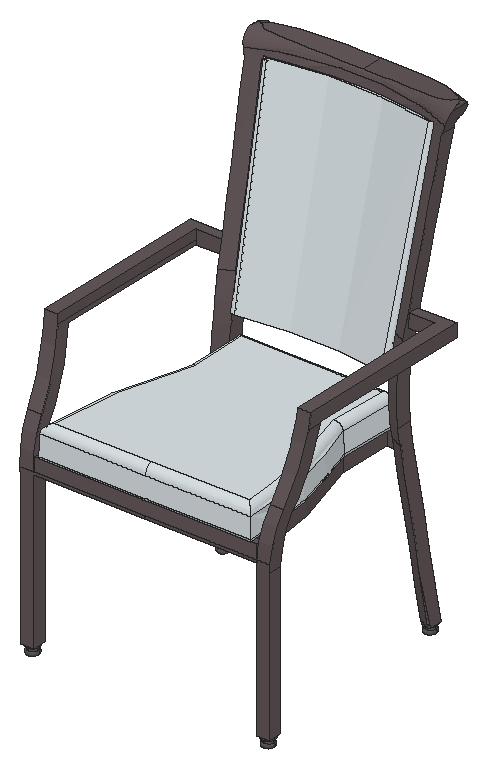
Revit family "FU_Chair_Sandler_Woodlook 2-6", category Furniture, Revit 2020
Family settings
  OmniClass Number = 23.40.20.00
  OmniClass Title = General Furniture and Specialties
  Work Plane-Based = No
  Always vertical = Yes
  Cut with Voids When Loaded = No
  Shared = No
  Room Calculation Point = No
Parameters (values of type "Woodlook 2.6")
  Woodlook = Woodlook - 25 Wenge
  Width = 590 mm
  Upholstery = Woodlook Vinyl - Dream
  URL = "https://www.sandlerseating.com/product/woodlook-w2-6/"
  Model = "Woodlook 2.6"
  Manufacturer = "Sandler"
  Height = 1015 mm
  Description = "Woodlook armchair with frame manufactured entirely from aluminum but with realistic appearance of wood. Highly durable and scratch resistant."
  Depth = 655 mm
  Default Elevation = 0 mm
Reference planes
  plane 1 "Center (Front/Back)": y = 0
  plane 2: z = 0
  plane 3 "Center (Left/Right)": x = 0
  plane 4 "Right": x = -295
  plane 5 "Left": x = 295
  plane 6 "Back": y = 327.5
  plane 7 "Front": y = -327.5
  plane 8 "Height": z = 1015
  plane 9 "Seat height": z = 470
  plane 10 "Frame Height": z = 400
  plane 11: y = 145.349
  plane 12: z = 640
  plane 13 "Glide C R": y = -312.5
  plane 14 "Glide C F": x = -261.864
Forms (mm)
  Sweep 1, solid, material "Woodlook - 25 Wenge" <- "Woodlook"
    path in 3D
      loop
        arc (-295, 249.97, 1015) -> (0, 327.5, 1015) -> (295, 249.97, 1015) r 600
    profile "Pro_WL_2-6_BL : Pro_WL_2-6_BL" origin (0, 327.5, 1015) x (0, 1, 0) y (0, 0, 1)
      loop
        arc (-14.748, -0.002) -> (-39.863, -8.539) -> (-54.115, -30.911) r 40
        line (-54.115, -30.911) -> (-146.305, -426.005)
        arc (-146.305, -426.005) -> (-160.429, -526.558) -> (-156.386, -628.018) r 566.838
        line (-156.386, -628.018) -> (-105.968, -1015.127) -> (-76.919, -1015.127) -> (-127.337, -628.018)
        arc (-127.337, -628.018) -> (-131.38, -526.558) -> (-117.256, -426.005) r 566.838
        line (-117.256, -426.005) -> (-28.109, -43.953)
        arc (-28.109, -43.953) -> (-22.356, -33.949) -> (-12.034, -28.789) r 20
        arc (-12.034, -28.789) -> (-0.064, -13.139) -> (-14.748, -0.002) r 14.5
  Extrusion 2, void
    sketch origin (0, 0, 0) x (1, 0, 0) y (0, 0, 1)
      loop
        line (-230.092, 1008.68) -> (-219.658, 966.832) -> (-204.309, 565.042)
        arc (-204.309, 565.042) -> (-203.892, 494.35) -> (-208.038, 423.778) r 1095
        line (-208.038, 423.778) -> (-244.87, 19.967) -> (-216.004, 19.967) -> (-179.07, 424.885)
        arc (-179.07, 424.885) -> (-174.925, 495.456) -> (-175.342, 566.149) r 1095
        line (-175.342, 566.149) -> (-190.633, 966.431)
        arc (-190.633, 966.431) -> (-95.546, 956.585) -> (0, 953.485) r 1351.674
        arc (0, 953.485) -> (95.546, 956.585) -> (190.633, 966.431) r 1351.674
        line (190.633, 966.431) -> (175.342, 566.149)
        arc (175.342, 566.149) -> (174.925, 495.456) -> (179.07, 424.885) r 1095
        line (179.07, 424.885) -> (216.004, 19.967) -> (244.87, 19.967) -> (208.038, 423.778)
        arc (208.038, 423.778) -> (203.892, 494.35) -> (204.309, 565.042) r 1095
        line (204.309, 565.042) -> (219.658, 966.832) -> (230.092, 1008.68)
        arc (230.092, 1008.68) -> (228.252, 1013.725) -> (223.11, 1015.277) r 6
        arc (223.11, 1015.277) -> (111.963, 1000.815) -> (0, 995.618) r 1350.576
        arc (0, 995.618) -> (-111.963, 1000.815) -> (-223.11, 1015.277) r 1350.576
        arc (-223.11, 1015.277) -> (-228.252, 1013.725) -> (-230.092, 1008.68) r 6
      loop
        line (-300, 1045) -> (-300, -30) -> (300, -30) -> (300, 1045) -> (-300, 1045)
    from -337.851 to -86.557
  Extrusion 3, solid, material "Woodlook - 25 Wenge" <- "Woodlook"
    sketch origin (0, 0, 0) x (0, 1, 0) y (0, 0, 1)
      loop
        line (-327.5, 19.967) -> (-297.5, 19.967) -> (-297.5, 371.057)
        arc (-297.5, 371.057) -> (-287.864, 425.704) -> (-260.119, 473.76) r 159.776
        arc (-260.119, 473.76) -> (-229.765, 539.855) -> (-211.277, 610.199) r 419.687
        line (-211.277, 610.199) -> (169, 610.199) -> (169, 640.199) -> (-236.473, 640.199)
        arc (-236.473, 640.199) -> (-256.531, 551.35) -> (-297.5, 470) r 373.453
        arc (-297.5, 470) -> (-319.835, 422.753) -> (-327.5, 371.057) r 178.161
        line (-327.5, 371.057) -> (-327.5, 19.967)
    from 247.452 to 295
  Extrusion 4, void
    sketch origin (0, 0, 0) x (1, 0, 0) y (0, 0, 1)
      loop
        line (246.967, 364.494) -> (265.874, 620.208) -> (265.874, 655.208) -> (207.753, 655.208) -> (213.445, 364.494) -> (246.967, 364.494)
      loop
        line (317.811, 0) -> (317.811, 655.208) -> (298.564, 655.208) -> (276.276, 353.782) -> (276.276, 0) -> (317.811, 0)
    from -327.5 to 327.5
  Extrusion 5, void
    sketch origin (0, 0, 0) x (-1, 0, 0) y (0, 0, -1)
      loop
        line (246.967, -364.494) -> (213.445, -364.494) -> (207.753, -655.208) -> (265.874, -655.208) -> (265.874, -620.208) -> (246.967, -364.494)
      loop
        line (317.811, 0) -> (276.276, 0) -> (276.276, -353.782) -> (298.564, -655.208) -> (317.811, -655.208) -> (317.811, 0)
    from -327.5 to 327.5
  Extrusion 6, solid, material "Woodlook - 25 Wenge" <- "Woodlook"
    sketch origin (0, 0, 0) x (0, 1, 0) y (0, 0, -1)
      loop
        line (-327.5, -19.967) -> (-327.5, -371.057)
        arc (-327.5, -371.057) -> (-319.835, -422.753) -> (-297.5, -470) r 178.161
        arc (-297.5, -470) -> (-256.531, -551.35) -> (-236.473, -640.199) r 373.453
        line (-236.473, -640.199) -> (169, -640.199) -> (169, -610.199) -> (-211.277, -610.199)
        arc (-211.277, -610.199) -> (-229.765, -539.855) -> (-260.119, -473.76) r 419.687
        arc (-260.119, -473.76) -> (-287.864, -425.704) -> (-297.5, -371.057) r 159.776
        line (-297.5, -371.057) -> (-297.5, -19.967) -> (-327.5, -19.967)
    from 247.452 to 295
  Extrusion 7, solid, material "Woodlook - 25 Wenge" <- "Woodlook"
    sketch origin (0, 0, 0) x (1, 0, 0) y (0, 0, 1)
      loop
        line (-266.291, 640.199) -> (-266.291, 610.199) -> (-205, 610.199) -> (-205, 640.199) -> (-266.291, 640.199)
    from -169 to -146
  Extrusion 8, solid, material "Woodlook - 25 Wenge" <- "Woodlook"
    sketch origin (0, 0, 0) x (-1, 0, 0) y (0, 0, -1)
      loop
        line (-266.291, -640.199) -> (-205, -640.199) -> (-205, -610.199) -> (-266.291, -610.199) -> (-266.291, -640.199)
    from -169 to -146
  Extrusion 9, solid, material "Woodlook - 25 Wenge" <- "Woodlook"
    sketch origin (0, 0, 400) x (-1, 0, 0) y (0, -1, 0)
      loop
        line (247.452, 327.5) -> (0, 327.5) -> (-247.185, 327.5) -> (-247.185, 307.525) -> (-233.879, 307.525)
        arc (-233.879, 307.525) -> (-212.437, 144.304) -> (-165.638, -13.527) r 1045.398
        line (-165.638, -13.527) -> (-167.769, -135.635) -> (-186.946, -135.635) -> (-186.946, -155.635) -> (0, -155.635) -> (186.946, -155.635) -> (186.946, -135.635) -> (167.769, -135.635) -> (165.638, -13.527)
        arc (165.638, -13.527) -> (212.437, 144.304) -> (233.879, 307.525) r 1045.398
        line (233.879, 307.525) -> (247.452, 307.525) -> (247.452, 327.5)
      loop
        line (0, 307.525) -> (-213.879, 307.525)
        arc (-213.879, 307.525) -> (-192.45, 144.364) -> (-145.681, -13.414) r 1045.398
        line (-145.681, -13.414) -> (-147.815, -135.635) -> (0, -135.635) -> (147.815, -135.635) -> (145.681, -13.414)
        arc (145.681, -13.414) -> (192.45, 144.364) -> (213.879, 307.525) r 1045.398
        line (213.879, 307.525) -> (0, 307.525)
    from 0 to -35
  Extrusion 10, void
    sketch origin (0, 0, 0) x (0, 1, 0) y (0, 0, 1)
      loop
        line (-356.969, 408.736) -> (-356.969, 353.782) -> (-327.5, 353.782) -> (-327.5, 371.057)
        arc (-327.5, 371.057) -> (-326.49, 390.004) -> (-323.47, 408.736) r 178.161
        line (-323.47, 408.736) -> (-356.969, 408.736)
    from -295 to 295
  Revolve 11, solid, material "Plastic - Black"
    sketch origin (0, -312.5, 0) x (0, 0, 1) y (1, 0, 0)
      loop
        line (26.544, -274.974) -> (26.544, -261.864) -> (0, -261.864) -> (0, -273.78)
        arc (0, -273.78) -> (4.003, -275.471) -> (8.005, -273.78) r 5.583
        line (8.005, -273.78) -> (8.005, -272.948) -> (12.172, -272.948)
        arc (12.172, -272.948) -> (13.654, -270.455) -> (16.432, -269.619) r 4
        line (16.432, -269.619) -> (16.432, -276.539)
        arc (16.432, -276.539) -> (21.527, -276.009) -> (26.544, -274.974) r 51.426
      axis (0, -261.864) -> (26.544, -261.864)
    angle from 0 to 360
  Revolve 12, solid, material "Plastic - Black"
    sketch origin (0, -312.5, 0) x (0, 0, 1) y (-1, 0, 0)
      loop
        line (26.544, -274.974) -> (26.544, -261.864) -> (0, -261.864) -> (0, -273.78)
        arc (0, -273.78) -> (4.003, -275.471) -> (8.005, -273.78) r 5.583
        line (8.005, -273.78) -> (8.005, -272.948) -> (12.172, -272.948)
        arc (12.172, -272.948) -> (13.654, -270.455) -> (16.432, -269.619) r 4
        line (16.432, -269.619) -> (16.432, -276.539)
        arc (16.432, -276.539) -> (21.527, -276.009) -> (26.544, -274.974) r 51.426
      axis (0, -261.864) -> (26.544, -261.864)
    angle from 0 to 360
  Revolve 13, solid, material "Plastic - Black"
    sketch origin (-31.938, 177.5, 0) x (0, 0, 1) y (-1, 0, 0)
      loop
        line (26.544, -274.974) -> (26.544, -261.864) -> (0, -261.864) -> (0, -273.78)
        arc (0, -273.78) -> (4.003, -275.471) -> (8.005, -273.78) r 5.583
        line (8.005, -273.78) -> (8.005, -272.948) -> (12.172, -272.948)
        arc (12.172, -272.948) -> (13.654, -270.455) -> (16.432, -269.619) r 4
        line (16.432, -269.619) -> (16.432, -276.539)
        arc (16.432, -276.539) -> (21.527, -276.009) -> (26.544, -274.974) r 51.426
      axis (0, -261.864) -> (26.544, -261.864)
    angle from 0 to 360
  Revolve 14, solid, material "Plastic - Black"
    sketch origin (31.938, 177.5, 0) x (0, 0, 1) y (-1, 0, 0)
      loop
        arc (26.544, 274.974) -> (21.527, 276.009) -> (16.432, 276.539) r 51.426
        line (16.432, 276.539) -> (16.432, 269.619)
        arc (16.432, 269.619) -> (13.654, 270.455) -> (12.172, 272.948) r 4
        line (12.172, 272.948) -> (8.005, 272.948) -> (8.005, 273.78)
        arc (8.005, 273.78) -> (4.003, 275.471) -> (0, 273.78) r 5.583
        line (0, 273.78) -> (0, 261.864) -> (26.544, 261.864) -> (26.544, 274.974)
      axis (0, 261.864) -> (26.544, 261.864)
    angle from 0 to 360
  Extrusion 15, solid, material "Woodlook - 25 Wenge" <- "Woodlook"
    sketch origin (0, 0, 400) x (-1, 0, 0) y (0, -1, 0)
      loop
        line (185.874, 87.389) -> (185.874, 107.363) -> (0, 107.363) -> (-185.874, 107.363) -> (-185.874, 87.389) -> (0, 87.389) -> (185.874, 87.389)
    from 0 to -20
  Extrusion 16, solid, material "Woodlook Vinyl - Dream" <- "Upholstery"
    sketch origin (0, 0, 400) x (-1, 0, 0) y (0, -1, 0)
      loop
        line (211.251, 303.489) -> (0, 303.489) -> (-211.251, 303.489)
        arc (-211.251, 303.489) -> (-193.022, 147.422) -> (-149.074, -3.436) r 940.858
        line (-149.074, -3.436) -> (-151.306, -131.333) -> (0, -131.333) -> (151.306, -131.333) -> (149.074, -3.436)
        arc (149.074, -3.436) -> (193.022, 147.422) -> (211.251, 303.489) r 940.858
    from 0 to 70
  Sweep 17, solid, material "Woodlook Vinyl - Dream" <- "Upholstery"
    path in 3D
      loop
        line (0, -303.489, 470) -> (211.251, -303.489, 470)
        arc (211.251, -303.489, 470) -> (193.022, -147.422, 470) -> (149.074, 3.436, 470) r 940.858
        line (149.074, 3.436, 470) -> (151.306, 131.333, 470) -> (0, 131.333, 470) -> (-151.306, 131.333, 470) -> (-149.074, 3.436, 470)
        arc (-149.074, 3.436, 470) -> (-193.022, -147.422, 470) -> (-211.251, -303.489, 470) r 940.858
        line (-211.251, -303.489, 470) -> (0, -303.489, 470)
    profile "Pro_WL_seatEdge_70x24 : Pro_WL_seatEdge_70x24" origin (-105.626, -303.489, 470) x (0, 1, 0) y (0, 0, 1)
      loop
        line (0, 0) -> (-5, 0)
        arc (-5, 0) -> (-17.305, -6.311) -> (-22.573, -19.097) r 20
        line (-22.573, -19.097) -> (-24.304, -64.811)
        arc (-24.304, -64.811) -> (-22.909, -68.468) -> (-19.307, -70) r 5
        line (-19.307, -70) -> (0, -70) -> (0, 0)
  SweptBlend 18, solid, material "Woodlook Vinyl - Dream" <- "Upholstery"
    path in 3D
      loop
        line (0, 158.123, 508.871) -> (0, 265.541, 966.431)
    profile "Pro_WL_2-6_backBot : Pro_WL_2-6_backBot" origin (0, 158.123, 508.871) x (0, -0.973533, 0.228548) y (1, 0, 0)
      loop
        arc (-3.485, -166.327) -> (0.83, -172.59) -> (8.044, -175) r 12
        line (8.044, -175) -> (25.739, -175)
        arc (25.739, -175) -> (33.71, -171.039) -> (35.367, -162.295) r 10
        arc (35.367, -162.295) -> (13, 0) -> (35.367, 162.295) r 600
        arc (35.367, 162.295) -> (33.71, 171.039) -> (25.739, 175) r 10
        line (25.739, 175) -> (8.044, 175)
        arc (8.044, 175) -> (0.83, 172.59) -> (-3.485, 166.327) r 12
        arc (-3.485, 166.327) -> (-27, 0) -> (-3.485, -166.327) r 600
    end profile "Pro_WL_2-6_backTop : Pro_WL_2-6_backTop" origin (0, 265.541, 966.431) x (0, -0.973533, 0.228548) y (1, 0, 0)
      loop
        arc (-6.452, -183.643) -> (-2.099, -189.688) -> (4.982, -192) r 12
        line (4.982, -192) -> (22.669, -192)
        arc (22.669, -192) -> (30.719, -187.933) -> (32.221, -179.04) r 10
        arc (32.221, -179.04) -> (5.113, 0) -> (32.221, 179.04) r 604.82
        arc (32.221, 179.04) -> (30.719, 187.933) -> (22.669, 192) r 10
        line (22.669, 192) -> (4.982, 192)
        arc (4.982, 192) -> (-2.099, 189.688) -> (-6.452, 183.643) r 12
        arc (-6.452, 183.643) -> (-35, 0) -> (-6.452, -183.643) r 604.933
Cuts and joins
  Extrusion 2 cuts Sweep 1
  Extrusion 4 cuts Extrusion 3
  Extrusion 5 cuts Extrusion 6
  Extrusion 10 cuts Extrusion 9
  joined: Sweep 1, Extrusion 3, Extrusion 6, Extrusion 7, Extrusion 8, Extrusion 9, Extrusion 15
  joined: Extrusion 16, Sweep 17
Lines and regions (mm)
  sketch lines
    curve 1: arc (-295, 249.97, 1015) -> (0, 327.5, 1015) -> (295, 249.97, 1015) r 600
    curve 4: line (-211.251, -303.489, 470) -> (0, -303.489, 470)
    curve 5: line (0, -303.489, 470) -> (211.251, -303.489, 470)
    curve 6: arc (149.074, 3.436, 470) -> (193.022, -147.422, 470) -> (211.251, -303.489, 470) r 940.858
    curve 7: line (149.074, 3.436, 470) -> (151.306, 131.333, 470)
    curve 8: line (151.306, 131.333, 470) -> (0, 131.333, 470)
    curve 9: line (0, 131.333, 470) -> (-151.306, 131.333, 470)
    curve 10: line (-151.306, 131.333, 470) -> (-149.074, 3.436, 470)
    curve 11: arc (-211.251, -303.489, 470) -> (-193.022, -147.422, 470) -> (-149.074, 3.436, 470) r 940.858
    curve 13: line (0, 158.123, 508.871) -> (0, 265.541, 966.431)
  reference lines
    curve 2: line (-186.946, 161.882, 400) -> (-186.946, 128.815, 400)
    curve 3: line (186.946, 161.882, 400) -> (186.946, 128.815, 400)
    curve 12: line (0, 176.933, 588.995) -> (0, 265.541, 966.431)
Dimensions and locks
  equal spacing: plane 4 "Right", plane 3 "Center (Left/Right)", plane 5 "Left"
  "Width": plane 4 "Right" to plane 5 "Left"
  equal spacing: plane 6 "Back", plane 1 "Center (Front/Back)", plane 7 "Front"
  "Depth": plane 6 "Back" to plane 7 "Front"
  "Height": plane 8 "Height" to level
  plane 9 "Seat height" to level = 470 mm
  Extrusion 2 to level = 1045 mm
  plane 12 to level = 640 mm
  aligned and locked: level to plane 2
Automatic sketch dimensions
  Extrusion 3 sketch curve to plane 7 "Front" = 0 mm
  Extrusion 3 sketch curve to plane 9 "Seat height" = 0 mm  (x2)
  plane 12 to Extrusion 3 sketch curve = 37.399 mm
  Extrusion 3 sketch curve to plane 7 "Front" = 280.568 mm
  Extrusion 3 sketch curve to Extrusion 3 sketch curve = 16.828 mm
  plane 13 "Glide C R" to Extrusion 3 sketch curve = 15 mm
  plane 12 to Extrusion 3 sketch curve = 0.199 mm
  plane 1 "Center (Front/Back)" to Extrusion 3 sketch curve = 236.473 mm
  Extrusion 3 sketch curve to Extrusion 3 sketch curve = 25.196 mm
  Extrusion 3 sketch curve to Extrusion 3 sketch curve = 11.616 mm
  Extrusion 3 sketch curve to plane 11 = 23.651 mm
  level to Extrusion 3 sketch curve = 19.967 mm
  Extrusion 3 sketch curve to plane 10 "Frame Height" = 28.943 mm
  Extrusion 3 sketch curve to plane 12 = 29.801 mm
  Extrusion 3 sketch curve to Extrusion 3 sketch curve = 3.905 mm
  Extrusion 4 sketch curve to level = 0 mm
  plane 12 to Extrusion 4 sketch curve = 15.208 mm  (x2)
  plane 5 "Left" to Extrusion 4 sketch curve = 87.247 mm
  Extrusion 4 sketch curve to plane 10 "Frame Height" = 35.506 mm
  plane 5 "Left" to Extrusion 4 sketch curve = 81.555 mm
  Extrusion 4 sketch curve to Extrusion 4 sketch curve = 33.522 mm
  plane 5 "Left" to Extrusion 4 sketch curve = 29.126 mm
  plane 5 "Left" to Extrusion 4 sketch curve = 18.724 mm
  Extrusion 4 sketch curve to plane 5 "Left" = 3.564 mm
  Extrusion 4 sketch curve to plane 5 "Left" = 22.811 mm
  Extrusion 4 sketch curve to Extrusion 4 sketch curve = 10.711 mm
  Extrusion 4 sketch curve to plane 12 = 19.792 mm
  Extrusion 5 sketch curve to level = 0 mm
  Extrusion 5 sketch curve to plane 12 = 15.208 mm  (x2)
  Extrusion 5 sketch curve to plane 14 "Glide C F" = 54.111 mm
  Extrusion 5 sketch curve to plane 14 "Glide C F" = 48.419 mm
  Extrusion 5 sketch curve to plane 14 "Glide C F" = 14.897 mm
  plane 14 "Glide C F" to Extrusion 5 sketch curve = 4.01 mm
  plane 14 "Glide C F" to Extrusion 5 sketch curve = 14.412 mm
  Extrusion 5 sketch curve to plane 4 "Right" = 3.564 mm
  Extrusion 5 sketch curve to plane 4 "Right" = 22.811 mm
  plane 10 "Frame Height" to Extrusion 5 sketch curve = 46.218 mm
  Extrusion 5 sketch curve to Extrusion 5 sketch curve = 10.711 mm
  plane 12 to Extrusion 5 sketch curve = 19.792 mm
  Extrusion 6 sketch curve to plane 7 "Front" = 0 mm
  Extrusion 6 sketch curve to plane 9 "Seat height" = 0 mm  (x2)
  plane 12 to Extrusion 6 sketch curve = 37.399 mm
  Extrusion 6 sketch curve to plane 7 "Front" = 280.568 mm
  Extrusion 6 sketch curve to Extrusion 6 sketch curve = 16.828 mm
  plane 13 "Glide C R" to Extrusion 6 sketch curve = 15 mm
  plane 12 to Extrusion 6 sketch curve = 0.199 mm
  plane 1 "Center (Front/Back)" to Extrusion 6 sketch curve = 236.473 mm
  Extrusion 6 sketch curve to Extrusion 6 sketch curve = 25.196 mm
  Extrusion 6 sketch curve to Extrusion 6 sketch curve = 11.616 mm
  Extrusion 6 sketch curve to plane 11 = 23.651 mm
  Extrusion 6 sketch curve to Extrusion 6 sketch curve = 3.905 mm
  Extrusion 6 sketch curve to plane 12 = 29.801 mm
  Extrusion 6 sketch curve to Extrusion 6 sketch curve = 0 mm
  level to Extrusion 6 sketch curve = 19.967 mm
  Extrusion 7 sketch curve to plane 14 "Glide C F" = 4.426 mm
  plane 14 "Glide C F" to Extrusion 7 sketch curve = 56.864 mm
  Extrusion 7 sketch curve to plane 12 = 29.801 mm
  plane 12 to Extrusion 7 sketch curve = 0.199 mm
  Extrusion 8 sketch curve to plane 5 "Left" = 28.709 mm
  plane 12 to Extrusion 8 sketch curve = 29.801 mm
  Extrusion 8 sketch curve to Extrusion 8 sketch curve = 61.291 mm
  Extrusion 8 sketch curve to plane 12 = 0.199 mm
  Extrusion 9 sketch curve to plane 7 "Front" = 0 mm
  Extrusion 9 sketch curve to plane 3 "Center (Left/Right)" = 0 mm  (x4)
  Extrusion 9 sketch curve to plane 1 "Center (Front/Back)" = 13.414 mm  (x2)
  plane 3 "Center (Left/Right)" to Extrusion 9 sketch curve = 145.681 mm
  plane 11 to Extrusion 9 sketch curve = 9.714 mm  (x3)
  Extrusion 9 sketch curve to Extrusion 9 sketch curve = 2.133 mm
  Extrusion 9 sketch curve to plane 1 "Center (Front/Back)" = 13.527 mm  (x2)
  Extrusion 9 sketch curve to Extrusion 9 sketch curve = 19.956 mm  (x2)
  Extrusion 9 sketch curve to Extrusion 9 sketch curve = 19.954 mm  (x2)
  Extrusion 9 sketch curve to plane 11 = 10.286 mm
  Extrusion 9 sketch curve to Extrusion 9 sketch curve = 19.177 mm  (x2)
  plane 13 "Glide C R" to Extrusion 9 sketch curve = 4.975 mm  (x3)
  plane 3 "Center (Left/Right)" to Extrusion 9 sketch curve = 213.879 mm
  Extrusion 9 sketch curve to Extrusion 9 sketch curve = 20 mm  (x3)
  Extrusion 9 sketch curve to Extrusion 9 sketch curve = 13.305 mm
  Extrusion 9 sketch curve to plane 7 "Front" = 34.155 mm  (x2)
  Extrusion 9 sketch curve to plane 5 "Left" = 515.116 mm
  plane 14 "Glide C F" to Extrusion 9 sketch curve = 116.183 mm
  plane 14 "Glide C F" to Extrusion 9 sketch curve = 114.05 mm
  Extrusion 9 sketch curve to plane 3 "Center (Left/Right)" = 213.879 mm
  plane 14 "Glide C F" to Extrusion 9 sketch curve = 14.412 mm
  Extrusion 10 sketch curve to plane 7 "Front" = 0 mm
  plane 10 "Frame Height" to Extrusion 10 sketch curve = 8.736 mm
  Extrusion 10 sketch curve to plane 7 "Front" = 29.469 mm
  plane 7 "Front" to Extrusion 10 sketch curve = 4.03 mm
  Extrusion 10 sketch curve to plane 10 "Frame Height" = 28.943 mm
  Extrusion 10 sketch curve to Extrusion 10 sketch curve = 17.275 mm
  Revolve 11 sketch curve to plane 14 "Glide C F" = 0 mm
  Revolve 11 sketch curve to level = 0 mm
  plane 14 "Glide C F" to Revolve 11 sketch curve = 0 mm
  level to Revolve 11 sketch curve = 4.003 mm
  Revolve 11 sketch curve to Revolve 11 sketch curve = 4.003 mm
  Revolve 11 sketch curve to Revolve 11 sketch curve = 4.166 mm
  level to Revolve 11 sketch curve = 13.663 mm
  Revolve 11 sketch curve to Revolve 11 sketch curve = 3.945 mm
  Revolve 11 sketch curve to Revolve 11 sketch curve = 0.315 mm
  Revolve 11 sketch curve to Revolve 11 sketch curve = 10.112 mm
  Revolve 11 sketch curve to plane 14 "Glide C F" = 7.755 mm
  Revolve 11 sketch curve to plane 14 "Glide C F" = 8.024 mm
  Revolve 11 sketch curve to Revolve 11 sketch curve = 3.059 mm
  Revolve 11 sketch curve to Revolve 11 sketch curve = 0.832 mm
  Revolve 11 sketch curve to Revolve 11 sketch curve = 1.368 mm
  Revolve 11 sketch curve to Revolve 11 sketch curve = 2.932 mm
  Revolve 11 sketch curve to level = 4.484 mm
  Revolve 11 sketch curve to Revolve 11 sketch curve = 1.708 mm
  Revolve 12 sketch curve to level = 0 mm
  Revolve 12 sketch curve to level = 4.003 mm
  Revolve 12 sketch curve to Revolve 12 sketch curve = 4.003 mm
  Revolve 12 sketch curve to Revolve 12 sketch curve = 4.166 mm
  Revolve 12 sketch curve to level = 13.663 mm
  Revolve 12 sketch curve to Revolve 12 sketch curve = 3.945 mm
  Revolve 12 sketch curve to Revolve 12 sketch curve = 0.315 mm
  Revolve 12 sketch curve to Revolve 12 sketch curve = 10.112 mm
  Revolve 12 sketch curve to plane 5 "Left" = 18.461 mm
  Revolve 12 sketch curve to Revolve 12 sketch curve = 1.565 mm
  Revolve 12 sketch curve to Revolve 12 sketch curve = 2.759 mm
  Revolve 12 sketch curve to Revolve 12 sketch curve = 2.932 mm
  Revolve 12 sketch curve to Revolve 12 sketch curve = 0.832 mm
  Revolve 12 sketch curve to Revolve 12 sketch curve = 3.059 mm
  Revolve 12 sketch curve to Revolve 12 sketch curve = 8.024 mm
  level to Revolve 12 sketch curve = 4.484 mm
  Revolve 12 sketch curve to Revolve 12 sketch curve = 1.708 mm
  Revolve 12 sketch curve to Revolve 12 sketch curve = 0 mm
  Revolve 13 sketch curve to level = 0 mm
  level to Revolve 13 sketch curve = 4.003 mm
  Revolve 13 sketch curve to Revolve 13 sketch curve = 4.003 mm
  Revolve 13 sketch curve to Revolve 13 sketch curve = 4.166 mm
  level to Revolve 13 sketch curve = 13.663 mm
  Revolve 13 sketch curve to Revolve 13 sketch curve = 3.945 mm
  Revolve 13 sketch curve to Revolve 13 sketch curve = 0.315 mm
  Revolve 13 sketch curve to Revolve 13 sketch curve = 10.112 mm
  plane 5 "Left" to Revolve 13 sketch curve = 50.399 mm
  Revolve 13 sketch curve to Revolve 13 sketch curve = 1.565 mm
  Revolve 13 sketch curve to Revolve 13 sketch curve = 2.759 mm
  Revolve 13 sketch curve to Revolve 13 sketch curve = 2.932 mm
  Revolve 13 sketch curve to Revolve 13 sketch curve = 0.832 mm
  Revolve 13 sketch curve to Revolve 13 sketch curve = 3.059 mm
  Revolve 13 sketch curve to Revolve 13 sketch curve = 8.024 mm
  Revolve 13 sketch curve to level = 4.484 mm
  Revolve 13 sketch curve to Revolve 13 sketch curve = 1.708 mm
  Revolve 13 sketch curve to Revolve 13 sketch curve = 0 mm
  Revolve 14 sketch curve to level = 0 mm
  level to Revolve 14 sketch curve = 4.003 mm
  Revolve 14 sketch curve to Revolve 14 sketch curve = 4.003 mm
  Revolve 14 sketch curve to Revolve 14 sketch curve = 4.166 mm
  level to Revolve 14 sketch curve = 13.663 mm
  Revolve 14 sketch curve to Revolve 14 sketch curve = 3.945 mm
  Revolve 14 sketch curve to Revolve 14 sketch curve = 0.315 mm
  Revolve 14 sketch curve to Revolve 14 sketch curve = 10.112 mm
  plane 14 "Glide C F" to Revolve 14 sketch curve = 68.614 mm
  plane 14 "Glide C F" to Revolve 14 sketch curve = 31.938 mm
  Revolve 14 sketch curve to Revolve 14 sketch curve = 7.755 mm
  Revolve 14 sketch curve to Revolve 14 sketch curve = 8.024 mm
  Revolve 14 sketch curve to Revolve 14 sketch curve = 3.059 mm
  Revolve 14 sketch curve to Revolve 14 sketch curve = 3.892 mm
  Revolve 14 sketch curve to Revolve 14 sketch curve = 1.368 mm
  Revolve 14 sketch curve to level = 4.484 mm
  Revolve 14 sketch curve to Revolve 14 sketch curve = 1.708 mm
  Revolve 14 sketch curve to Revolve 14 sketch curve = 0 mm
  Extrusion 2 sketch curve to plane 3 "Center (Left/Right)" = 0 mm  (x2)
  Extrusion 2 sketch curve to plane 3 "Center (Left/Right)" = 3.96 mm
  Extrusion 2 sketch curve to plane 3 "Center (Left/Right)" = 6.58 mm
  plane 14 "Glide C F" to Extrusion 2 sketch curve = 86.522 mm
  plane 10 "Frame Height" to Extrusion 2 sketch curve = 24.885 mm  (x2)
  Extrusion 2 sketch curve to Extrusion 2 sketch curve = 3.729 mm  (x2)
  plane 14 "Glide C F" to Extrusion 2 sketch curve = 71.231 mm
  Extrusion 2 sketch curve to Extrusion 2 sketch curve = 28.967 mm  (x6)
  plane 10 "Frame Height" to Extrusion 2 sketch curve = 23.778 mm  (x2)
  Extrusion 2 sketch curve to Extrusion 2 sketch curve = 29.025 mm  (x2)
  Extrusion 2 sketch curve to plane 8 "Height" = 5.635 mm  (x2)
  plane 14 "Glide C F" to Extrusion 2 sketch curve = 37.733 mm
  Extrusion 2 sketch curve to plane 8 "Height" = 6.32 mm  (x2)
  Extrusion 2 sketch curve to Extrusion 2 sketch curve = 5.961 mm  (x2)
  plane 4 "Right" to Extrusion 2 sketch curve = 5 mm
  plane 9 "Seat height" to Extrusion 2 sketch curve = 54.349 mm  (x2)
  plane 4 "Right" to Extrusion 2 sketch curve = 974.544 mm
  plane 3 "Center (Left/Right)" to Extrusion 2 sketch curve = 3.96 mm
  plane 3 "Center (Left/Right)" to Extrusion 2 sketch curve = 6.58 mm
  plane 5 "Left" to Extrusion 2 sketch curve = 119.658 mm
  Extrusion 2 sketch curve to plane 8 "Height" = 48.569 mm
  plane 5 "Left" to Extrusion 2 sketch curve = 104.367 mm
  level to Extrusion 2 sketch curve = 19.967 mm  (x2)
  plane 5 "Left" to Extrusion 2 sketch curve = 78.996 mm
  Extrusion 2 sketch curve to Extrusion 2 sketch curve = 4.473 mm
  Extrusion 2 sketch curve to Extrusion 2 sketch curve = 28.866 mm
  Extrusion 2 sketch curve to plane 5 "Left" = 5 mm
  Extrusion 2 sketch curve to plane 5 "Left" = 974.544 mm
  Extrusion 2 sketch curve to level = 30 mm
  Extrusion 2 sketch curve to Extrusion 2 sketch curve = 1.107 mm  (x2)
  Extrusion 2 sketch curve to Extrusion 2 sketch curve = 42.933 mm
  Extrusion 2 sketch curve to Extrusion 2 sketch curve = 0.401 mm  (x2)
  plane 8 "Height" to Extrusion 2 sketch curve = 30 mm
  plane 8 "Height" to Extrusion 2 sketch curve = 1290.153 mm
  Extrusion 2 sketch curve to Extrusion 2 sketch curve = 41.026 mm
  Extrusion 2 sketch curve to Extrusion 2 sketch curve = 0 mm  (x2)
  plane 14 "Glide C F" to Extrusion 2 sketch curve = 45.861 mm
  plane 14 "Glide C F" to Extrusion 2 sketch curve = 16.994 mm
  Extrusion 15 sketch curve to plane 3 "Center (Left/Right)" = 0 mm  (x2)
  plane 5 "Left" to Extrusion 15 sketch curve = 109.126 mm
  plane 14 "Glide C F" to Extrusion 15 sketch curve = 75.99 mm
  plane 1 "Center (Front/Back)" to Extrusion 15 sketch curve = 87.389 mm
  Extrusion 15 sketch curve to Extrusion 15 sketch curve = 19.975 mm
  Extrusion 16 sketch curve to plane 3 "Center (Left/Right)" = 0 mm  (x2)
  Extrusion 16 sketch curve to plane 1 "Center (Front/Back)" = 3.436 mm  (x2)
  plane 5 "Left" to Extrusion 16 sketch curve = 145.926 mm
  plane 11 to Extrusion 16 sketch curve = 14.016 mm
  Extrusion 16 sketch curve to Extrusion 16 sketch curve = 2.232 mm
  plane 13 "Glide C R" to Extrusion 16 sketch curve = 9.011 mm
  Extrusion 16 sketch curve to Extrusion 16 sketch curve = 211.251 mm
  Extrusion 16 sketch curve to plane 7 "Front" = 6.728 mm  (x2)
  Extrusion 16 sketch curve to plane 5 "Left" = 434.104 mm
  plane 14 "Glide C F" to Extrusion 16 sketch curve = 112.79 mm
  plane 14 "Glide C F" to Extrusion 16 sketch curve = 110.558 mm
  curve 3 to plane 11 = 16.534 mm
  plane 11 to curve 2 = 16.534 mm
  plane 14 "Glide C F" to curve 2 = 74.918 mm
  curve 2 to plane 11 = 16.534 mm
  plane 11 to curve 3 = 16.534 mm
  plane 5 "Left" to curve 3 = 108.054 mm
